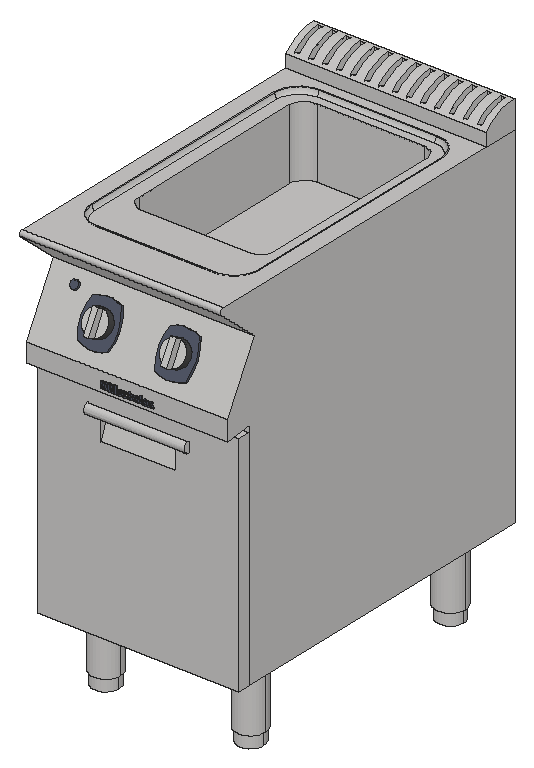
Revit family "QF_ELECTROLUXPROFESSIONAL_371098_E7PCED1KF0", category Specialty Equipment, Revit 2018
Family settings
  Round Connector Dimension = Use Diameter
  Part Type = Normal
  Work Plane-Based = No
  Always vertical = Yes
  Cut with Voids When Loaded = No
  Shared = No
  Room Calculation Point = No
Parameters
  Width = 400 mm  # constant formula
  Weight in Pounds = 110  # constant formula
  Watts = 6000 VA  # 6000 W
  Waste Water Discharge Temperature [instance] = -459.67 °F
  Volts = 400 V  # constant formula
  URL Cutsheet = "www.electrolux.com/foodservice"
  URL = "www.electrolux.com/foodservice"
  Type Mark [instance] = ""
  Status [instance] = ""
  Specification by User [instance] = ""
  Specification by Manufacturer = ""
  Show Logo [instance] = yes
  Show Clearance [instance] = yes
  Serial Number = ""
  Seismic Rating = ""
  SMACNA No = ""
  Revision Code [instance] = ""
  Plumbing Remarks [instance] = ""
  Plumbing Connection Type [instance] = ""
  Phase = 3  # constant formula
  Omniclass Number and Title = ""
  Number of Poles [instance] = 1
  NAFEM Spec ID Number = ""
  Model = "371098"
  Min Ckt Ampacity = 0 A
  Max Overcurrent Protection = 0 A
  Masterspec = ""
  Manufacturer = "ELECTROLUX"
  Item Number [instance] = ""
  Installed By [instance] = ""
  Indirect Waste Size = 25.4 mm  # 1"
  Indirect Waste Flow [instance] = 0 GPM
  Indirect Waste Connection Type [instance] = ""
  Indirect Waste Connection Height = 0 mm
  Identify Quantity as Lot [instance] = yes
  Height = 333 mm  # constant formula
  HP = "8 HP"
  Furnished By [instance] = ""
  Foodservice Equipment Identifier [instance] = yes
  FL Amps = if(Phase = 3, Watts / (Volts * 1.73), Watts / Volts)  # 8.67052 A
  Electrical Remarks [instance] = "400 V/3N ph/50/60 Hz"  # constant formula
  Electric Connection Type [instance] = ""
  Elec Conn RI Height [instance] = 0 mm
  Elec Conn Connection Height [instance] = 0 mm
  Direct Waste Size = 1"
  Description = "700XP Freestanding Electric Pasta Cooker 24.5 Lt. Well, 1 Well - 400V"
  Depth = 730 mm  # constant formula
  Cycle = if([60 Hertz Option], 60 Hz, 50 Hz)  # 60 Hz
  Conn Plug = ""
  Conn Conduit = yes
  Cold Water Temperature Recommended [instance] = -459.67 °F
  Cold Water Size = 12.7 mm  # 1/2"
  Cold Water RI Height [instance] = 0 mm
  Cold Water Minimum Pressure [instance] = 0.00 psi
  Cold Water Maximum Pressure [instance] = 0.00 psi
  Cold Water Flow [instance] = 0 GPM
  Cold Water Consumption [instance] = ""
  Cold Water Connection Height = 0 mm
  CSI MasterFormat = ""
  CSI Master Format = ""
  Base Height [instance] = 150 mm  # constant formula
  Apparent Power = if(Phase = 3, Volts * FL Amps * 1.73, Volts * FL Amps)  # 6000 VA
  60 Hertz Option = not([50 Hertz Option])  # yes
  50 Hertz Option = no
Reference planes
  plane 1 "BACK": y = 0
  plane 2: z = 0
  plane 3 "LEFT": x = 0
  plane 4 "RIGHT": x = 400
  plane 5 "FRONT": y = -730
  plane 6 "TOP": z = 905.238
  plane 7 "Center Y": x = 200
  plane 8 "Center X": y = -365
  plane 9 "BASE": z = 601
  plane 10 "TOP A": z = 851
  plane 11: y = -587.387
  plane 12: y = -90
  plane 13: z = 150
Forms (mm)
  Extrusion 1, solid, material "QF_Finishes_Stainless Steel"
    sketch origin (0, 0, 0) x (0, 1, 0) y (0, 0, 1)
      loop
        line (0, 851) -> (-725.027, 851)
        arc (-725.027, 851) -> (-730.893, 847.08) -> (-729.517, 840.16) r 6.35
        line (-729.517, 840.16) -> (-646.919, 767.809) -> (-713.522, 646.19) -> (-713.522, 608.09) -> (-660.15, 613.7) -> (-660.15, 150) -> (0, 150) -> (0, 851)
      loop
        line (-687.137, 601) -> (-687.137, 150) -> (-661.737, 150) -> (-661.737, 601) -> (-687.137, 601)
    from 0 to 400
  Extrusion 2, void
    sketch origin (0, 0, 851) x (-1, 0, 0) y (0, -1, 0)
      loop
        arc (-83.338, 90.124) -> (-47.982, 104.769) -> (-33.338, 140.124) r 50
        line (-33.338, 140.124) -> (-33.338, 595.265)
        arc (-33.338, 595.265) -> (-47.982, 630.62) -> (-83.338, 645.265) r 50
        line (-83.338, 645.265) -> (-316.662, 645.265)
        arc (-316.662, 645.265) -> (-352.018, 630.62) -> (-366.662, 595.265) r 50
        line (-366.662, 595.265) -> (-366.662, 140.124)
        arc (-366.662, 140.124) -> (-352.018, 104.769) -> (-316.662, 90.124) r 50
        line (-316.662, 90.124) -> (-83.338, 90.124)
    from 0 to -152.4
  Extrusion 3, solid, material "QF_Finishes_Clearance", visible <- "Show Clearance", detail levels coarse
    sketch origin (0, 0, 0) x (1, 0, 0) y (0, 1, 0)
      loop
        line (0, -731.377) -> (0, 0) -> (400, 0) -> (400, -731.377) -> (550.019, -731.377) -> (550.019, 150.019) -> (-150.019, 150.019) -> (-150.019, -731.377) -> (0, -731.377)
    from 0 to 905.237
  Revolve 4, solid, material "QF_Finishes_Stainless Steel"
    sketch origin (0, -587.387, 608.09) x (0, 0, 1) y (-1, 0, 0)
      loop
        line (-608.09, -56) -> (-458.09, -56) -> (-458.09, -26) -> (-583.09, -26) -> (-583.09, -29.75) -> (-608.09, -29.75) -> (-608.09, -56)
      axis (-608.09, -56) -> (-458.09, -56)
    angle from 0 to 360
  Revolve 5, solid, material "QF_Finishes_Stainless Steel"
    sketch origin (400.05, -587.387, 608.09) x (0, 0, 1) y (-1, 0, 0)
      loop
        line (-608.09, 56.05) -> (-608.09, 29.8) -> (-583.09, 29.8) -> (-583.09, 26.05) -> (-458.09, 26.05) -> (-458.09, 56.05) -> (-608.09, 56.05)
      axis (-608.09, 56.05) -> (-458.09, 56.05)
    angle from 0 to 360
  Revolve 6, solid, material "QF_Finishes_Stainless Steel"
    sketch origin (0, -90, 608.09) x (0, 0, 1) y (-1, 0, 0)
      loop
        line (-608.09, -56) -> (-458.09, -56) -> (-458.09, -26) -> (-583.09, -26) -> (-583.09, -29.75) -> (-608.09, -29.75) -> (-608.09, -56)
      axis (-608.09, -56) -> (-458.09, -56)
    angle from 0 to 360
  Revolve 7, solid, material "QF_Finishes_Stainless Steel"
    sketch origin (400.05, -90, 608.09) x (0, 0, 1) y (-1, 0, 0)
      loop
        line (-608.09, 56.05) -> (-608.09, 29.8) -> (-583.09, 29.8) -> (-583.09, 26.05) -> (-458.09, 26.05) -> (-458.09, 56.05) -> (-608.09, 56.05)
      axis (-608.09, 56.05) -> (-458.09, 56.05)
    angle from 0 to 360
  Extrusion 8, void
    sketch origin (200, 0, 0) x (0, 1, 0) y (0, 0, 1)
      loop
        line (-687.137, 541) -> (-687.137, 499.788) -> (-672.137, 541) -> (-687.137, 541)
    from -75 to 75
  Extrusion 9, solid, material "QF_Finishes_Stainless Steel"
    sketch origin (200, 0, 0) x (0, 1, 0) y (0, 0, 1)
      loop
        line (-687.137, 541) -> (-687.137, 561)
        arc (-687.137, 561) -> (-697.137, 551) -> (-687.137, 541) r 10
    from -100 to 100
  Extrusion 10, solid, material "QF_Finishes_Door Clearance", visible <- "Show Clearance", detail levels coarse
    sketch origin (0, 0, 851) x (-1, 0, 0) y (0, -1, 0)
      loop
        arc (0, 687.137) -> (-117.157, 969.98) -> (-400, 1087.137) r 400
        line (-400, 1087.137) -> (-400, 687.137) -> (0, 687.137)
    from -700.237 to -249.237
  Extrusion 11, solid, material "QF_Finishes_Stainless Steel"
    sketch origin (-77.88, -4572, 150) x (-1, 0, 0) y (0, -1, 0)
      loop
        circle (-309.88, -4202) r 12.7
      loop
        circle (-309.855, -3991) r 12.7
    from 0 to -12.7
  Extrusion 12, solid, material "QF_Finishes_Stainless Steel"
    sketch origin (-77.88, -4572, 851) x (-1, 0, 0) y (0, -1, 0)
      loop
        line (-111.217, -4431.876) -> (-111.217, -3976.735)
        arc (-111.217, -3976.735) -> (-125.862, -3941.38) -> (-161.217, -3926.735) r 50
        line (-161.217, -3926.735) -> (-394.542, -3926.735)
        arc (-394.542, -3926.735) -> (-429.897, -3941.38) -> (-444.542, -3976.735) r 50
        line (-444.542, -3976.735) -> (-444.542, -4431.876)
        arc (-444.542, -4431.876) -> (-429.897, -4467.231) -> (-394.542, -4481.876) r 50
        line (-394.542, -4481.876) -> (-161.217, -4481.876)
        arc (-161.217, -4481.876) -> (-125.862, -4467.231) -> (-111.217, -4431.876) r 50
      loop
        arc (-414.542, -4431.876) -> (-405.755, -4453.089) -> (-384.542, -4461.876) r 30
        line (-384.542, -4461.876) -> (-171.217, -4461.876)
        arc (-171.217, -4461.876) -> (-150.004, -4453.089) -> (-141.217, -4431.876) r 30
        line (-141.217, -4431.876) -> (-141.217, -4056.735)
        arc (-141.217, -4056.735) -> (-150.004, -4035.522) -> (-171.217, -4026.735) r 30
        line (-171.217, -4026.735) -> (-384.542, -4026.735)
        arc (-384.542, -4026.735) -> (-405.755, -4035.522) -> (-414.542, -4056.735) r 30
        line (-414.542, -4056.735) -> (-414.542, -4431.876)
    from -12.7 to -152.4
  Sweep 13, solid, material "QF_Finishes_Stainless Steel"
    path origin (0, 0, 851) x (-1, 0, 0) y (0, -1, 0)
      loop
        line (-33.338, 140.124) -> (-33.338, 595.265)
        arc (-33.338, 595.265) -> (-47.982, 630.62) -> (-83.338, 645.265) r 50
        line (-83.338, 645.265) -> (-316.662, 645.265)
        arc (-316.662, 645.265) -> (-352.018, 630.62) -> (-366.662, 595.265) r 50
        line (-366.662, 595.265) -> (-366.662, 140.124)
        arc (-366.662, 140.124) -> (-352.018, 104.769) -> (-316.662, 90.124) r 50
        line (-316.662, 90.124) -> (-83.338, 90.124)
        arc (-83.338, 90.124) -> (-47.982, 104.769) -> (-33.338, 140.124) r 50
    profile origin (33.338, -367.694, 851) x (1, 0, 0) y (0, 0, 1)
      loop
        line (0, 0) -> (0, -10.84) -> (5.055, -10.84)
        arc (5.055, -10.84) -> (1.326, -5.98) -> (0, 0) r 14.151
  Extrusion 14, solid, material "QF_Finishes_Stainless Steel"
    sketch origin (0, 0, 0.762) x (0, 1, 0) y (0, 0, 1)
      loop
        line (0, 850.238) -> (0, 905.237)
        arc (0, 905.237) -> (-38.078, 897.879) -> (-69.85, 875.637) r 93.057
        line (-69.85, 875.637) -> (-69.85, 850.238) -> (0, 850.238)
    from 0 to 400.05
  Extrusion 15, void
    sketch origin (0, 0, 851) x (-1, 0, 0) y (0, -1, 0)
      loop
        line (-13.453, 6.761) -> (-13.453, 63.911) -> (-22.749, 63.911) -> (-22.749, 6.761) -> (-13.453, 6.761)
    from 25.4 to 63.5
  Extrusion 16, void
    sketch origin (400.05, 0, 851) x (1, 0, 0) y (0, 1, 0)
      loop
        line (-13.503, -6.761) -> (-22.799, -6.761) -> (-22.799, -63.911) -> (-13.503, -63.911) -> (-13.503, -6.761)
    from 25.4 to 63.5
  Extrusion 17, void
    sketch origin (27.988, 0, 851) x (-1, 0, 0) y (0, -1, 0)
      loop
        line (-13.453, 6.761) -> (-13.453, 63.911) -> (-22.749, 63.911) -> (-22.749, 6.761) -> (-13.453, 6.761)
    from 25.4 to 63.5
  Extrusion 18, void
    sketch origin (55.977, 0, 851) x (-1, 0, 0) y (0, -1, 0)
      loop
        line (-13.453, 6.761) -> (-13.453, 63.911) -> (-22.749, 63.911) -> (-22.749, 6.761) -> (-13.453, 6.761)
    from 25.4 to 63.5
  Extrusion 19, void
    sketch origin (83.965, 0, 851) x (-1, 0, 0) y (0, -1, 0)
      loop
        line (-13.428, 6.761) -> (-13.428, 63.911) -> (-22.724, 63.911) -> (-22.724, 6.761) -> (-13.428, 6.761)
    from 25.4 to 63.5
  Extrusion 20, void
    sketch origin (111.953, 0, 851) x (-1, 0, 0) y (0, -1, 0)
      loop
        line (-13.428, 6.761) -> (-13.428, 63.911) -> (-22.724, 63.911) -> (-22.724, 6.761) -> (-13.428, 6.761)
    from 25.4 to 63.5
  Extrusion 21, void
    sketch origin (139.942, 0, 851) x (-1, 0, 0) y (0, -1, 0)
      loop
        line (-13.428, 6.761) -> (-13.428, 63.911) -> (-22.724, 63.911) -> (-22.724, 6.761) -> (-13.428, 6.761)
    from 25.4 to 63.5
  Extrusion 22, void
    sketch origin (167.93, 0, 851) x (-1, 0, 0) y (0, -1, 0)
      loop
        line (-13.428, 6.761) -> (-13.428, 63.911) -> (-22.724, 63.911) -> (-22.724, 6.761) -> (-13.428, 6.761)
    from 25.4 to 63.5
  Extrusion 23, void
    sketch origin (195.918, 0, 851) x (-1, 0, 0) y (0, -1, 0)
      loop
        line (-13.428, 6.761) -> (-13.428, 63.911) -> (-22.724, 63.911) -> (-22.724, 6.761) -> (-13.428, 6.761)
    from 25.4 to 63.5
  Extrusion 24, void
    sketch origin (223.907, 0, 851) x (-1, 0, 0) y (0, -1, 0)
      loop
        line (-13.428, 6.761) -> (-13.428, 63.911) -> (-22.724, 63.911) -> (-22.724, 6.761) -> (-13.428, 6.761)
    from 25.4 to 63.5
  Extrusion 25, void
    sketch origin (251.895, 0, 851) x (-1, 0, 0) y (0, -1, 0)
      loop
        line (-13.428, 6.761) -> (-13.428, 63.911) -> (-22.724, 63.911) -> (-22.724, 6.761) -> (-13.428, 6.761)
    from 25.4 to 63.5
  Extrusion 26, void
    sketch origin (279.884, 0, 851) x (-1, 0, 0) y (0, -1, 0)
      loop
        line (-13.403, 6.761) -> (-13.403, 63.911) -> (-22.699, 63.911) -> (-22.699, 6.761) -> (-13.403, 6.761)
    from 25.4 to 63.5
  Extrusion 27, void
    sketch origin (307.872, 0, 851) x (-1, 0, 0) y (0, -1, 0)
      loop
        line (-13.403, 6.761) -> (-13.403, 63.911) -> (-22.699, 63.911) -> (-22.699, 6.761) -> (-13.403, 6.761)
    from 25.4 to 63.5
  Extrusion 28, void
    sketch origin (335.86, 0, 851) x (-1, 0, 0) y (0, -1, 0)
      loop
        line (-13.403, 6.761) -> (-13.403, 63.911) -> (-22.699, 63.911) -> (-22.699, 6.761) -> (-13.403, 6.761)
    from 25.4 to 63.5
  Extrusion 29, solid, material "QF_Finishes_Navy Blue"
    sketch origin (114.675, -713.772, 646.19) x (0, 0.484042, 0.875045) y (-1, 0, 0)
      loop
        arc (105.947, -132.642) -> (68.865, -123.661) -> (31.333, -130.523) r 91.844
        arc (31.333, -130.523) -> (24.206, -161.165) -> (31.333, -191.808) r 69.441
        arc (31.333, -191.808) -> (68.854, -198.519) -> (105.947, -189.74) r 93.759
        arc (105.947, -189.74) -> (112.176, -161.191) -> (105.947, -132.642) r 68.543
    from 0 to 3.175
  Extrusion 30, solid, material "QF_Finishes_Stainless Steel"
    sketch origin (114.675, -716.55, 647.727) x (0, 0.484042, 0.875045) y (-1, 0, 0)
      loop
        circle (68.826, -160.963) r 25.4
    from 0 to 12.7
  Extrusion 31, solid, material "QF_Finishes_Stainless Steel"
    sketch origin (114.675, -727.663, 653.875) x (0, 0.484042, 0.875045) y (-1, 0, 0)
      loop
        arc (93.558, -166.749) -> (94.226, -160.963) -> (93.558, -155.177) r 25.4
        line (93.558, -155.177) -> (44.094, -155.177)
        arc (44.094, -155.177) -> (43.426, -160.963) -> (44.094, -166.749) r 25.4
        line (44.094, -166.749) -> (93.558, -166.749)
    from 0 to 12.7
  Extrusion 32, solid, material "QF_Finishes_Navy Blue"
    sketch origin (-40.325, -713.772, 646.19) x (0, 0.484042, 0.875045) y (-1, 0, 0)
      loop
        arc (105.947, -132.642) -> (68.865, -123.661) -> (31.333, -130.523) r 91.844
        arc (31.333, -130.523) -> (24.206, -161.165) -> (31.333, -191.808) r 69.441
        arc (31.333, -191.808) -> (68.854, -198.519) -> (105.947, -189.74) r 93.759
        arc (105.947, -189.74) -> (112.176, -161.191) -> (105.947, -132.642) r 68.543
      loop
        circle (110.564, -93.816) r 8
    from 0 to 3.175
  Extrusion 33, solid, material "QF_Finishes_Stainless Steel"
    sketch origin (-40.325, -716.55, 647.727) x (0, 0.484042, 0.875045) y (-1, 0, 0)
      loop
        circle (68.826, -160.963) r 25.4
    from 0 to 12.7
  Extrusion 34, solid, material "QF_Finishes_Stainless Steel"
    sketch origin (-40.325, -727.663, 653.875) x (0, 0.484042, 0.875045) y (-1, 0, 0)
      loop
        arc (93.558, -166.749) -> (94.226, -160.963) -> (93.558, -155.177) r 25.4
        line (93.558, -155.177) -> (44.094, -155.177)
        arc (44.094, -155.177) -> (43.426, -160.963) -> (44.094, -166.749) r 25.4
        line (44.094, -166.749) -> (93.558, -166.749)
    from 0 to 12.7
  Extrusion 35, solid, material "QF_Finishes_Stainless Steel"
    sketch origin (-77.88, -4572, 150) x (-1, 0, 0) y (0, -1, 0)
      loop
        circle (-412.88, -4071) r 6.35
    from 50 to 48.4
  Extrusion 36, solid, material "QF_Finishes_Navy Blue", visible <- "Show Logo"
    sketch origin (-140, -713.772, 608.09) x (0, 0, 1) y (-1, 0, 0)
      loop
        line (20.674, -296.698) -> (8.307, -296.698)
        arc (8.307, -296.698) -> (14.491, -301.27) -> (20.674, -296.698) r 6.467
      loop
        arc (20.674, -296.069) -> (19.505, -290.926) -> (14.849, -288.448) r 6.338
        line (14.849, -288.448) -> (14.849, -290.494)
        arc (14.849, -290.494) -> (16.333, -294.149) -> (19.778, -296.069) r 5.941
        line (19.778, -296.069) -> (20.674, -296.069)
      loop
        arc (9.203, -296.069) -> (12.648, -294.149) -> (14.132, -290.494) r 5.941
        line (14.132, -290.494) -> (14.132, -288.448)
        arc (14.132, -288.448) -> (9.438, -290.922) -> (8.148, -296.069) r 6.504
        line (8.148, -296.069) -> (9.203, -296.069)
      loop
        line (21.349, -287.979) -> (7.604, -287.979) -> (7.604, -301.742) -> (21.349, -301.742) -> (21.349, -287.979)
      loop
        arc (21.432, -304.71) -> (21.085, -304.352) -> (20.718, -304.69) r 0.358
        arc (20.718, -304.69) -> (20.404, -305.44) -> (19.687, -305.825) r 1.216
        line (19.687, -305.825) -> (9.274, -305.825)
        arc (9.274, -305.825) -> (8.614, -305.548) -> (8.218, -304.951) r 1.238
        arc (8.218, -304.951) -> (7.823, -304.7) -> (7.518, -305.054) r 0.358
        line (7.518, -305.054) -> (7.518, -314.933) -> (10.269, -314.933) -> (10.269, -314.036)
        arc (10.269, -314.036) -> (9.36, -313.456) -> (8.904, -312.479) r 1.928
        line (8.904, -312.479) -> (8.904, -309.98)
        arc (8.904, -309.98) -> (9.18, -309.251) -> (9.868, -308.887) r 1.101
        line (9.868, -308.887) -> (13.955, -308.887) -> (13.955, -312.561)
        arc (13.955, -312.561) -> (13.602, -313.058) -> (13.037, -313.286) r 1.083
        arc (13.037, -313.286) -> (12.773, -313.591) -> (13.065, -313.869) r 0.292
        line (13.065, -313.869) -> (16.028, -313.869)
        arc (16.028, -313.869) -> (16.33, -313.596) -> (16.092, -313.266) r 0.305
        arc (16.092, -313.266) -> (15.601, -313.018) -> (15.296, -312.561) r 1.083
        line (15.296, -312.561) -> (15.296, -308.887) -> (19.973, -308.887) -> (19.973, -312.635)
        arc (19.973, -312.635) -> (19.759, -313.39) -> (19.153, -313.888) r 1.314
        arc (19.153, -313.888) -> (18.934, -314.292) -> (19.288, -314.585) r 0.361
        line (19.288, -314.585) -> (21.432, -314.585) -> (21.432, -304.71)
      loop
        arc (20.715, -315.365) -> (20.335, -316.284) -> (19.416, -316.664) r 1.299
        line (19.416, -316.664) -> (9.837, -316.664)
        arc (9.837, -316.664) -> (8.999, -316.286) -> (8.728, -315.408) r 1.118
        line (8.728, -315.408) -> (7.518, -315.408) -> (7.518, -320.758) -> (8.706, -320.758)
        arc (8.706, -320.758) -> (8.978, -319.841) -> (9.848, -319.445) r 1.153
        line (9.848, -319.445) -> (21.92, -319.445) -> (20.715, -315.365)
      loop
        line (12.483, -323.394) -> (12.483, -329.842) -> (13.282, -329.842)
        arc (13.282, -329.842) -> (15.862, -328.857) -> (17.131, -326.404) r 3.874
        line (17.131, -326.404) -> (17.131, -324.643)
        arc (17.131, -324.643) -> (15.944, -321.778) -> (13.08, -320.592) r 4.051
        line (13.08, -320.592) -> (11.072, -320.592)
        arc (11.072, -320.592) -> (8.253, -322.077) -> (7.202, -325.084) r 4.352
        arc (7.202, -325.084) -> (7.566, -327.547) -> (8.943, -329.621) r 5.713
        line (8.943, -329.621) -> (9.892, -329.621)
        arc (9.892, -329.621) -> (9.16, -328.052) -> (8.943, -326.334) r 5.579
        arc (8.943, -326.334) -> (9.737, -324.371) -> (11.616, -323.394) r 3.057
        line (11.616, -323.394) -> (12.483, -323.394)
      loop
        line (13.742, -323.394) -> (13.742, -326.977)
        arc (13.742, -326.977) -> (15.199, -327.024) -> (16.082, -325.864) r 1.59
        line (16.082, -325.864) -> (16.082, -325.034)
        arc (16.082, -325.034) -> (15.217, -323.779) -> (13.742, -323.394) r 2.184
      loop
        arc (16.533, -339.259) -> (17.022, -337.585) -> (17.179, -335.848) r 9.023
        line (17.179, -335.848) -> (17.179, -334.486)
        arc (17.179, -334.486) -> (16.02, -331.686) -> (13.22, -330.527) r 3.959
        line (13.22, -330.527) -> (10.62, -330.527)
        arc (10.62, -330.527) -> (8.338, -331.819) -> (7.221, -334.192) r 4.331
        line (7.221, -334.192) -> (7.221, -336.327)
        arc (7.221, -336.327) -> (7.729, -337.877) -> (8.651, -339.223) r 5.772
        arc (8.651, -339.223) -> (9.412, -339.274) -> (9.499, -338.515) r 0.553
        arc (9.499, -338.515) -> (9.111, -337.781) -> (8.977, -336.962) r 2.573
        line (8.977, -336.962) -> (8.977, -335.447)
        arc (8.977, -335.447) -> (9.983, -333.806) -> (11.798, -333.163) r 2.884
        line (11.798, -333.163) -> (13.077, -333.163)
        arc (13.077, -333.163) -> (14.898, -333.723) -> (15.824, -335.388) r 2.554
        line (15.824, -335.388) -> (15.824, -336.441)
        arc (15.824, -336.441) -> (15.493, -337.369) -> (14.836, -338.104) r 2.564
        arc (14.836, -338.104) -> (14.614, -338.821) -> (15.223, -339.259) r 0.643
        line (15.223, -339.259) -> (16.533, -339.259)
      loop
        line (15.515, -339.53) -> (15.515, -341.031) -> (9.467, -341.031)
        arc (9.467, -341.031) -> (7.879, -341.688) -> (7.221, -343.276) r 2.246
        line (7.221, -343.276) -> (7.221, -344.86)
        arc (7.221, -344.86) -> (7.535, -345.725) -> (8.035, -346.496) r 4.06
        arc (8.035, -346.496) -> (8.768, -346.629) -> (9.019, -345.928) r 0.576
        arc (9.019, -345.928) -> (8.913, -345.403) -> (8.977, -344.87) r 1.69
        arc (8.977, -344.87) -> (9.519, -344.082) -> (10.425, -343.779) r 1.506
        line (10.425, -343.779) -> (15.563, -343.779) -> (15.563, -346.176) -> (16.119, -346.733) -> (16.941, -346.733) -> (16.941, -343.873) -> (20.172, -343.873) -> (15.515, -339.53)
      loop
        line (7.438, -347.63) -> (7.438, -353.017) -> (8.548, -353.017)
        arc (8.548, -353.017) -> (8.942, -352.066) -> (9.893, -351.672) r 1.345
        line (9.893, -351.672) -> (13.509, -351.672)
        arc (13.509, -351.672) -> (14.274, -352.264) -> (14.564, -353.186) r 1.615
        line (14.564, -353.186) -> (14.564, -354.742) -> (17.119, -355.427) -> (17.119, -354.044) -> (15.177, -351.485) -> (17.057, -351.485) -> (16.773, -348.779)
        arc (16.773, -348.779) -> (16.333, -348.249) -> (15.674, -348.45) r 0.621
        arc (15.674, -348.45) -> (15.274, -348.792) -> (14.78, -348.975) r 1.501
        line (14.78, -348.975) -> (9.893, -348.975)
        arc (9.893, -348.975) -> (8.942, -348.581) -> (8.548, -347.63) r 1.345
        line (8.548, -347.63) -> (7.438, -347.63)
      loop
        line (13.54, -354.964) -> (10.848, -354.964)
        arc (10.848, -354.964) -> (8.403, -356.272) -> (7.269, -358.803) r 4.288
        arc (7.269, -358.803) -> (7.205, -360.183) -> (7.269, -361.563) r 15.022
        arc (7.269, -361.563) -> (8.403, -364.094) -> (10.848, -365.401) r 4.288
        line (10.848, -365.401) -> (13.54, -365.401)
        arc (13.54, -365.401) -> (15.986, -364.094) -> (17.119, -361.563) r 4.288
        arc (17.119, -361.563) -> (17.183, -360.183) -> (17.119, -358.803) r 15.022
        arc (17.119, -358.803) -> (15.986, -356.272) -> (13.54, -354.964) r 4.288
      loop
        line (13.745, -358.078) -> (10.643, -358.078)
        arc (10.643, -358.078) -> (8.486, -360.235) -> (10.643, -362.392) r 2.157
        line (10.643, -362.392) -> (13.745, -362.392)
        arc (13.745, -362.392) -> (15.902, -360.235) -> (13.745, -358.078) r 2.157
      loop
        arc (20.726, -365.26) -> (20.355, -366.154) -> (19.461, -366.524) r 1.264
        line (19.461, -366.524) -> (9.597, -366.524)
        arc (9.597, -366.524) -> (8.727, -366.127) -> (8.455, -365.211) r 1.153
        line (8.455, -365.211) -> (7.518, -365.211) -> (7.518, -370.319) -> (8.446, -370.319)
        arc (8.446, -370.319) -> (8.805, -369.547) -> (9.597, -369.232) r 1.153
        line (9.597, -369.232) -> (21.92, -369.232) -> (20.726, -365.26)
      loop
        arc (15.846, -369.857) -> (15.647, -370.921) -> (14.678, -371.403) r 1.215
        line (14.678, -371.403) -> (9.658, -371.403)
        arc (9.658, -371.403) -> (8.043, -372.051) -> (7.322, -373.634) r 2.338
        line (7.322, -373.634) -> (7.322, -375.148)
        arc (7.322, -375.148) -> (7.497, -376.152) -> (7.999, -377.038) r 2.979
        line (7.999, -377.038) -> (7.518, -378.835) -> (7.518, -380.524) -> (16.943, -380.524) -> (16.649, -376.32) -> (15.863, -376.32)
        arc (15.863, -376.32) -> (15.507, -377.156) -> (14.755, -377.665) r 1.605
        line (14.755, -377.665) -> (9.652, -377.665)
        arc (9.652, -377.665) -> (9.232, -376.728) -> (9.159, -375.704) r 2.94
        arc (9.159, -375.704) -> (9.72, -374.603) -> (10.873, -374.16) r 1.724
        line (10.873, -374.16) -> (17.07, -374.16) -> (15.846, -369.857)
      loop
        line (16.874, -381.377) -> (15.202, -383.423) -> (12.028, -385.729) -> (8.572, -382.617)
        arc (8.572, -382.617) -> (8.335, -382.223) -> (8.357, -381.764) r 0.789
        line (8.357, -381.764) -> (7.518, -381.764) -> (7.518, -385.309) -> (8.344, -385.309)
        arc (8.344, -385.309) -> (8.686, -384.947) -> (9.176, -385.039) r 0.52
        line (9.176, -385.039) -> (10.976, -386.51) -> (8.858, -387.886)
        arc (8.858, -387.886) -> (8.457, -387.576) -> (8.37, -387.076) r 0.7
        line (8.37, -387.076) -> (7.518, -387.076) -> (7.518, -393.003) -> (8.405, -393.003)
        arc (8.405, -393.003) -> (8.472, -392.344) -> (8.866, -391.813) r 1.247
        line (8.866, -391.813) -> (13.066, -388.532) -> (15.513, -390.585) -> (16.874, -392.327) -> (16.874, -388.604) -> (15.389, -389.026) -> (13.868, -387.749) -> (15.568, -386.559) -> (16.874, -387.336) -> (16.874, -381.377)
    from 0 to 1.644
Cuts and joins
  Extrusion 2, Extrusion 8 cuts Extrusion 1
  Extrusion 8, Extrusion 15, Extrusion 16, Extrusion 17, Extrusion 18, Extrusion 19, Extrusion 20, Extrusion 21, Extrusion 22, Extrusion 23, Extrusion 24, Extrusion 25, Extrusion 26, Extrusion 27, Extrusion 28 cuts Extrusion 3
  Extrusion 15, Extrusion 16, Extrusion 17, Extrusion 18, Extrusion 19, Extrusion 20, Extrusion 21, Extrusion 22, Extrusion 23, Extrusion 24, Extrusion 25, Extrusion 26, Extrusion 27, Extrusion 28 cuts Extrusion 14
Lines and regions (mm)
  symbolic lines, style "QF-Clearances", visible <- "Show Clearance", detail levels coarse
    curve 1: line (-150.019, 150.019, 851) -> (-150.019, -731.377, 851)
    curve 2: line (550.019, 150.019, 851) -> (-150.019, 150.019, 851)
    curve 3: line (550.019, -731.377, 851) -> (550.019, 150.019, 851)
  symbolic lines
    curve 4: line (0, 0, 851) -> (400, 0, 851)
    curve 5: line (0, -730, 851) -> (0, 0, 851)
    curve 6: line (400, 0, 851) -> (400, -730, 851)
    curve 7: line (0, -69.85, 851) -> (0, -63.012, 851)
    curve 8: line (400, -730, 851) -> (0, -730, 851)
    curve 11: line (93.313, -110.124, 851) -> (306.663, -110.124, 851)
    curve 12: arc (306.663, -110.124, 851) -> (327.876, -118.911, 851) -> (336.663, -140.124, 851) r 30
    curve 13: line (336.663, -140.124, 851) -> (336.663, -515.265, 851)
    curve 14: arc (336.663, -515.265, 851) -> (327.876, -536.478, 851) -> (306.663, -545.265, 851) r 30
    curve 15: arc (93.338, -545.265, 851) -> (72.124, -536.478, 851) -> (63.338, -515.265, 851) r 30
    curve 16: line (63.338, -515.265, 851) -> (63.338, -140.099, 851)
    curve 17: arc (63.338, -140.099, 851) -> (72.117, -118.904, 851) -> (93.313, -110.124, 851) r 29.975
    curve 18: arc (83.313, -95.179, 851) -> (51.549, -108.336, 851) -> (38.392, -140.099, 851) r 44.92
    curve 19: line (38.392, -140.099, 851) -> (38.392, -595.265, 851)
    curve 20: arc (38.392, -595.265, 851) -> (51.556, -627.046, 851) -> (83.338, -640.21, 851) r 44.945
    curve 21: arc (316.663, -640.21, 851) -> (348.444, -627.046, 851) -> (361.608, -595.265, 851) r 44.945
    curve 22: line (361.608, -595.265, 851) -> (361.608, -140.124, 851)
    curve 23: arc (361.608, -140.124, 851) -> (348.444, -108.343, 851) -> (316.663, -95.179, 851) r 44.945
    curve 24: arc (83.313, -90.124, 851) -> (47.975, -104.761, 851) -> (33.338, -140.099, 851) r 49.975
    curve 25: line (33.338, -140.099, 851) -> (33.338, -595.265, 851)
    curve 26: arc (33.338, -595.265, 851) -> (47.982, -630.62, 851) -> (83.338, -645.265, 851) r 50
    curve 27: arc (316.663, -645.265, 851) -> (352.018, -630.62, 851) -> (366.663, -595.265, 851) r 50
    curve 28: line (366.663, -595.265, 851) -> (366.663, -140.124, 851)
    curve 29: arc (366.663, -140.124, 851) -> (352.018, -104.769, 851) -> (316.663, -90.124, 851) r 50
    curve 30: line (316.663, -90.124, 851) -> (79.418, -90.124, 851)
    curve 31: line (83.338, -645.265, 851) -> (316.663, -645.265, 851)
    curve 32: line (83.338, -640.21, 851) -> (316.663, -640.21, 851)
    curve 33: line (306.663, -545.265, 851) -> (93.338, -545.265, 851)
    curve 34: line (316.663, -95.179, 851) -> (83.313, -95.179, 851)
    curve 35: line (0, -69.85, 851) -> (400, -69.85, 851)
    curve 36: line (22.724, -6.761, 851) -> (22.724, -63.911, 851)
    curve 37: line (22.724, -63.911, 851) -> (13.428, -63.911, 851)
    curve 38: line (13.428, -63.911, 851) -> (13.428, -6.761, 851)
    curve 39: line (13.428, -6.761, 851) -> (22.724, -6.761, 851)
    curve 40: line (386.547, -6.761, 851) -> (386.547, -63.911, 851)
    curve 41: line (386.547, -63.911, 851) -> (377.251, -63.911, 851)
    curve 42: line (377.251, -63.911, 851) -> (377.251, -6.761, 851)
    curve 43: line (377.251, -6.761, 851) -> (386.547, -6.761, 851)
    curve 44: line (50.712, -6.761, 851) -> (50.712, -63.911, 851)
    curve 45: line (50.712, -63.911, 851) -> (41.416, -63.911, 851)
    curve 46: line (41.416, -63.911, 851) -> (41.416, -6.761, 851)
    curve 47: line (41.416, -6.761, 851) -> (50.712, -6.761, 851)
    curve 48: line (78.7, -6.761, 851) -> (78.7, -63.911, 851)
    curve 49: line (78.7, -63.911, 851) -> (69.405, -63.911, 851)
    curve 50: line (69.405, -63.911, 851) -> (69.405, -6.761, 851)
    curve 51: line (69.405, -6.761, 851) -> (78.7, -6.761, 851)
    curve 52: line (106.689, -6.761, 851) -> (106.689, -63.911, 851)
    curve 53: line (106.689, -63.911, 851) -> (97.393, -63.911, 851)
    curve 54: line (97.393, -63.911, 851) -> (97.393, -6.761, 851)
    curve 55: line (97.393, -6.761, 851) -> (106.689, -6.761, 851)
    curve 56: line (134.677, -6.761, 851) -> (134.677, -63.911, 851)
    curve 57: line (134.677, -63.911, 851) -> (125.381, -63.911, 851)
    curve 58: line (125.381, -63.911, 851) -> (125.381, -6.761, 851)
    curve 59: line (125.381, -6.761, 851) -> (134.677, -6.761, 851)
    curve 60: line (162.665, -6.761, 851) -> (162.665, -63.911, 851)
    curve 61: line (162.665, -63.911, 851) -> (153.37, -63.911, 851)
    curve 62: line (153.37, -63.911, 851) -> (153.37, -6.761, 851)
    curve 63: line (153.37, -6.761, 851) -> (162.665, -6.761, 851)
    curve 64: line (190.654, -6.761, 851) -> (190.654, -63.911, 851)
    curve 65: line (190.654, -63.911, 851) -> (181.358, -63.911, 851)
    curve 66: line (181.358, -63.911, 851) -> (181.358, -6.761, 851)
    curve 67: line (181.358, -6.761, 851) -> (190.654, -6.761, 851)
    curve 68: line (218.642, -6.761, 851) -> (218.642, -63.911, 851)
    curve 69: line (218.642, -63.911, 851) -> (209.346, -63.911, 851)
    curve 70: line (209.346, -63.911, 851) -> (209.346, -6.761, 851)
    curve 71: line (209.346, -6.761, 851) -> (218.642, -6.761, 851)
    curve 72: line (246.605, -6.761, 851) -> (246.605, -63.911, 851)
    curve 73: line (246.605, -63.911, 851) -> (237.31, -63.911, 851)
    curve 74: line (237.31, -63.911, 851) -> (237.31, -6.761, 851)
    curve 75: line (237.31, -6.761, 851) -> (246.605, -6.761, 851)
    curve 76: line (274.594, -6.761, 851) -> (274.594, -63.911, 851)
    curve 77: line (274.594, -63.911, 851) -> (265.298, -63.911, 851)
    curve 78: line (265.298, -63.911, 851) -> (265.298, -6.761, 851)
    curve 79: line (265.298, -6.761, 851) -> (274.594, -6.761, 851)
    curve 80: line (302.582, -6.761, 851) -> (302.582, -63.911, 851)
    curve 81: line (302.582, -63.911, 851) -> (293.286, -63.911, 851)
    curve 82: line (293.286, -63.911, 851) -> (293.286, -6.761, 851)
    curve 83: line (293.286, -6.761, 851) -> (302.582, -6.761, 851)
    curve 84: line (330.57, -6.761, 851) -> (330.57, -63.911, 851)
    curve 85: line (330.57, -63.911, 851) -> (321.275, -63.911, 851)
    curve 86: line (321.275, -63.911, 851) -> (321.275, -6.761, 851)
    curve 87: line (321.275, -6.761, 851) -> (330.57, -6.761, 851)
    curve 88: line (358.559, -6.761, 851) -> (358.559, -63.911, 851)
    curve 89: line (358.559, -63.911, 851) -> (349.263, -63.911, 851)
    curve 90: line (349.263, -63.911, 851) -> (349.263, -6.761, 851)
    curve 91: line (349.263, -6.761, 851) -> (358.559, -6.761, 851)
  symbolic lines, style "QF-Door Swings"
    curve 9: arc (2.303, -730, 851) -> (19.743, -811.254, 851) -> (53.597, -887.15, 851) r 400
    curve 10: line (53.597, -887.15, 851) -> (325.76, -730, 851)
Dimensions and locks
  equal spacing: plane 3 "LEFT", plane 7 "Center Y", plane 4 "RIGHT"
  "Width": plane 3 "LEFT" to plane 4 "RIGHT"
  equal spacing: plane 5 "FRONT", plane 8 "Center X", plane 1 "BACK"
  "Depth": plane 5 "FRONT" to plane 1 "BACK"
  plane 1 "BACK" to plane 5 "FRONT" = 730 mm
  locked: plane 10 "TOP A" to plane 9 "BASE" at 250
  "Base Height": plane 13 to level
  plane 10 "TOP A" to plane 13 = 701 mm
  Extrusion 11 sketch curve to plane 1 "BACK" = 370 mm
  plane 3 "LEFT" to Extrusion 11 sketch curve = 232 mm
  Extrusion 11 sketch curve to plane 1 "BACK" = 581 mm
  aligned and locked: level to plane 2
  aligned and locked: plane 4 "RIGHT" to Extrusion 1
  aligned and locked: plane 6 "TOP" to Extrusion 3
Automatic sketch dimensions
  Extrusion 1 sketch curve to plane 10 "TOP A" = 0 mm
  Extrusion 1 sketch curve to plane 13 = 0 mm  (x2)
  Extrusion 1 sketch curve to plane 9 "BASE" = 0 mm
  Extrusion 1 sketch curve to plane 1 "BACK" = 0 mm
  plane 11 to Extrusion 1 sketch curve = 59.531 mm
  plane 9 "BASE" to Extrusion 1 sketch curve = 12.7 mm
  Extrusion 1 sketch curve to plane 5 "FRONT" = 69.85 mm
  Extrusion 1 sketch curve to Extrusion 1 sketch curve = 1.588 mm
  Extrusion 1 sketch curve to Extrusion 1 sketch curve = 25.4 mm
  Extrusion 1 sketch curve to plane 5 "FRONT" = 16.478 mm
  Extrusion 1 sketch curve to plane 5 "FRONT" = 4.973 mm
  Extrusion 1 sketch curve to plane 5 "FRONT" = 0.483 mm
  plane 9 "BASE" to Extrusion 1 sketch curve = 7.09 mm
  Extrusion 1 sketch curve to Extrusion 1 sketch curve = 38.1 mm
  Extrusion 1 sketch curve to plane 10 "TOP A" = 83.191 mm
  Extrusion 1 sketch curve to plane 10 "TOP A" = 10.84 mm
  plane 11 to Extrusion 2 sketch curve = 7.877 mm
  Extrusion 2 sketch curve to plane 4 "RIGHT" = 33.337 mm
  plane 11 to Extrusion 2 sketch curve = 57.877 mm
  plane 12 to Extrusion 2 sketch curve = 0.124 mm
  Extrusion 2 sketch curve to Extrusion 2 sketch curve = 50 mm
  plane 3 "LEFT" to Extrusion 2 sketch curve = 83.338 mm  (x2)
  plane 3 "LEFT" to Extrusion 2 sketch curve = 33.338 mm
  plane 1 "BACK" to Extrusion 3 sketch curve = 0 mm
  Extrusion 3 sketch curve to plane 3 "LEFT" = 0 mm
  Extrusion 3 sketch curve to plane 4 "RIGHT" = 0 mm
  Extrusion 3 sketch curve to plane 3 "LEFT" = 150.019 mm
  plane 5 "FRONT" to Extrusion 3 sketch curve = 1.377 mm  (x2)
  plane 4 "RIGHT" to Extrusion 3 sketch curve = 150.019 mm
  Extrusion 3 sketch curve to plane 1 "BACK" = 150.019 mm
  curve 18 to curve 24 = 0 mm  (x2)
  curve 20 to curve 26 = 0 mm  (x2)
  curve 21 to curve 27 = 0 mm  (x2)
  curve 23 to curve 29 = 0 mm  (x2)
  curve 6 to plane 4 "RIGHT" = 0 mm
  curve 9 to plane 4 "RIGHT" = 0 mm
  plane 5 "FRONT" to curve 10 = 0 mm
  curve 35 to plane 3 "LEFT" = 0 mm
  curve 7 to plane 3 "LEFT" = 0 mm
  plane 1 "BACK" to curve 5 = 0 mm
  plane 4 "RIGHT" to curve 3 = 150.019 mm
  curve 40 to plane 4 "RIGHT" = 13.453 mm
  curve 40 to curve 43 = 9.296 mm
  plane 11 to curve 27 = 7.877 mm
  curve 27 to plane 4 "RIGHT" = 33.337 mm
  curve 29 to curve 23 = 5.055 mm
  curve 41 to curve 88 = 18.693 mm
  curve 88 to curve 90 = 9.296 mm
  curve 22 to curve 12 = 24.945 mm
  curve 89 to curve 85 = 18.693 mm
  curve 10 to plane 4 "RIGHT" = 74.24 mm
  curve 84 to curve 87 = 9.296 mm
  plane 11 to curve 27 = 57.877 mm
  curve 12 to curve 29 = 20 mm
  curve 23 to curve 12 = 10 mm
  curve 14 to curve 14 = 30 mm
  curve 85 to curve 81 = 18.693 mm
  curve 80 to curve 82 = 9.296 mm
  curve 81 to curve 77 = 18.693 mm
  curve 76 to curve 77 = 9.296 mm
  plane 1 "BACK" to curve 72 = 6.761 mm
  curve 78 to curve 72 = 18.693 mm
  curve 72 to curve 74 = 9.296 mm
  plane 1 "BACK" to curve 71 = 6.761 mm
  plane 7 "Center Y" to curve 71 = 18.642 mm
  curve 68 to curve 70 = 9.296 mm
  curve 65 to plane 7 "Center Y" = 9.346 mm
  curve 64 to curve 67 = 9.296 mm
  curve 65 to curve 60 = 18.693 mm
  curve 60 to curve 62 = 9.296 mm
  plane 1 "BACK" to curve 59 = 6.761 mm
  curve 62 to curve 59 = 18.693 mm
  curve 56 to curve 59 = 9.296 mm
  plane 1 "BACK" to curve 52 = 6.761 mm
  curve 58 to curve 52 = 18.693 mm
  curve 52 to curve 54 = 9.296 mm
  curve 33 to plane 11 = 42.123 mm
  plane 3 "LEFT" to curve 33 = 93.338 mm
  plane 12 to curve 11 = 20.124 mm
  curve 53 to curve 11 = 4.08 mm
  curve 17 to curve 24 = 10 mm
  plane 3 "LEFT" to curve 32 = 83.338 mm
  plane 12 to curve 30 = 0.124 mm
  curve 24 to curve 30 = 3.895 mm
  plane 1 "BACK" to curve 51 = 6.761 mm
  curve 54 to curve 51 = 18.693 mm
  curve 48 to curve 49 = 9.296 mm
  curve 15 to curve 15 = 30 mm
  plane 3 "LEFT" to curve 9 = 53.597 mm
  plane 1 "BACK" to curve 44 = 6.761 mm
  curve 50 to curve 44 = 18.693 mm
  curve 44 to curve 46 = 9.296 mm
  curve 17 to curve 19 = 24.945 mm
  plane 1 "BACK" to curve 36 = 6.761 mm
  curve 46 to curve 36 = 18.693 mm
  curve 36 to curve 38 = 9.296 mm
  curve 9 to curve 5 = 2.303 mm
  plane 5 "FRONT" to curve 1 = 1.377 mm
  curve 1 to plane 3 "LEFT" = 150.019 mm
  curve 2 to plane 1 "BACK" = 150.019 mm
  plane 1 "BACK" to curve 88 = 6.761 mm
  plane 1 "BACK" to curve 87 = 6.761 mm
  plane 1 "BACK" to curve 83 = 6.761 mm
  plane 1 "BACK" to curve 79 = 6.761 mm
  plane 1 "BACK" to curve 67 = 6.761 mm
  plane 1 "BACK" to curve 63 = 6.761 mm
  plane 1 "BACK" to curve 43 = 6.761 mm
  curve 7 to plane 12 = 26.988 mm
  curve 89 to plane 12 = 26.089 mm
  curve 61 to plane 12 = 26.089 mm
  curve 58 to plane 12 = 26.089 mm
  curve 86 to plane 12 = 26.089 mm
  curve 82 to plane 12 = 26.089 mm
  curve 64 to plane 12 = 26.089 mm
  curve 7 to curve 36 = 0.898 mm
  curve 78 to plane 12 = 26.089 mm
  curve 40 to plane 12 = 26.089 mm
  curve 74 to plane 12 = 26.089 mm
  curve 44 to plane 12 = 26.089 mm
  curve 64 to curve 70 = 0 mm
  curve 48 to plane 12 = 26.089 mm
  curve 52 to curve 57 = 0 mm
  curve 40 to curve 35 = 5.939 mm
  curve 7 to curve 35 = 0 mm
  curve 9 to plane 5 "FRONT" = 42.863 mm
  plane 5 "FRONT" to curve 3 = 1.377 mm
  Revolve 4 sketch curve to level = 0 mm
  Revolve 4 sketch curve to plane 13 = 0 mm  (x2)
  level to Revolve 4 sketch curve = 25 mm
  Revolve 4 sketch curve to Revolve 4 sketch curve = 20 mm
  plane 3 "LEFT" to Revolve 4 sketch curve = 56 mm
  Revolve 4 sketch curve to Revolve 4 sketch curve = 0 mm
  plane 3 "LEFT" to Revolve 4 sketch curve = 29.75 mm
  plane 3 "LEFT" to Revolve 4 sketch curve = 26 mm
  Revolve 5 sketch curve to level = 0 mm
  Revolve 5 sketch curve to plane 13 = 0 mm  (x2)
  level to Revolve 5 sketch curve = 25 mm
  Revolve 5 sketch curve to Revolve 5 sketch curve = 20 mm
  Revolve 5 sketch curve to plane 4 "RIGHT" = 26 mm
  Revolve 5 sketch curve to Revolve 5 sketch curve = 3.75 mm
  Revolve 5 sketch curve to Revolve 5 sketch curve = 30 mm
  Revolve 5 sketch curve to Revolve 5 sketch curve = 0 mm
  Revolve 6 sketch curve to level = 0 mm
  Revolve 6 sketch curve to plane 13 = 0 mm  (x2)
  level to Revolve 6 sketch curve = 25 mm
  Revolve 6 sketch curve to Revolve 6 sketch curve = 20 mm
  plane 3 "LEFT" to Revolve 6 sketch curve = 56 mm
  Revolve 6 sketch curve to Revolve 6 sketch curve = 0 mm
  plane 3 "LEFT" to Revolve 6 sketch curve = 29.75 mm
  plane 3 "LEFT" to Revolve 6 sketch curve = 26 mm
  Revolve 7 sketch curve to level = 0 mm
  Revolve 7 sketch curve to plane 13 = 0 mm  (x2)
  level to Revolve 7 sketch curve = 25 mm
  Revolve 7 sketch curve to Revolve 7 sketch curve = 20 mm
  Revolve 7 sketch curve to plane 4 "RIGHT" = 26 mm
  Revolve 7 sketch curve to Revolve 7 sketch curve = 3.75 mm
  Revolve 7 sketch curve to Revolve 7 sketch curve = 30 mm
  Revolve 7 sketch curve to Revolve 7 sketch curve = 0 mm
  Extrusion 8 sketch curve to plane 5 "FRONT" = 42.863 mm
  Extrusion 8 sketch curve to Extrusion 8 sketch curve = 15 mm
  Extrusion 8 sketch curve to plane 9 "BASE" = 101.212 mm
  Extrusion 8 sketch curve to Extrusion 8 sketch curve = 41.212 mm
  Extrusion 9 sketch curve to plane 5 "FRONT" = 42.863 mm
  Extrusion 9 sketch curve to plane 9 "BASE" = 60 mm
  Extrusion 9 sketch curve to Extrusion 9 sketch curve = 10 mm
  Extrusion 10 sketch curve to plane 4 "RIGHT" = 0 mm
  Extrusion 10 sketch curve to plane 3 "LEFT" = 0 mm
  Extrusion 10 sketch curve to plane 5 "FRONT" = 42.863 mm
  Extrusion 12 sketch curve to plane 4 "RIGHT" = 33.337 mm
  Extrusion 12 sketch curve to plane 4 "RIGHT" = 63.337 mm
  Extrusion 12 sketch curve to Extrusion 12 sketch curve = 20 mm
  plane 11 to Extrusion 12 sketch curve = 7.877 mm
  Extrusion 12 sketch curve to Extrusion 12 sketch curve = 50 mm
  Extrusion 12 sketch curve to Extrusion 12 sketch curve = 30 mm  (x3)
  Extrusion 12 sketch curve to Extrusion 12 sketch curve = 10 mm  (x2)
  Extrusion 12 sketch curve to plane 11 = 42.123 mm
  plane 3 "LEFT" to Extrusion 12 sketch curve = 93.338 mm  (x2)
  plane 12 to Extrusion 12 sketch curve = 50.124 mm
  plane 3 "LEFT" to Extrusion 12 sketch curve = 83.338 mm
  plane 12 to Extrusion 12 sketch curve = 0.124 mm
  plane 11 to Sweep 13 sketch curve = 7.877 mm  (x2)
  Sweep 13 sketch curve to plane 4 "RIGHT" = 33.337 mm
  plane 11 to Sweep 13 sketch curve = 57.877 mm
  plane 12 to Sweep 13 sketch curve = 0.124 mm
  Sweep 13 sketch curve to Sweep 13 sketch curve = 50 mm  (x2)
  plane 3 "LEFT" to Sweep 13 sketch curve = 83.338 mm
  profile plane to Sweep 13 sketch curve = 0 mm
  Sweep 13 sketch curve to plane 10 "TOP A" = 0 mm
  Sweep 13 sketch curve to profile plane = 5.055 mm
  Sweep 13 sketch curve to profile plane = 14.151 mm
  Extrusion 14 sketch curve to plane 10 "TOP A" = 0 mm
  Extrusion 14 sketch curve to plane 1 "BACK" = 0 mm
  plane 1 "BACK" to Extrusion 14 sketch curve = 1.769 mm
  Extrusion 14 sketch curve to plane 12 = 20.15 mm
  Extrusion 14 sketch curve to plane 10 "TOP A" = 38.04 mm
  plane 10 "TOP A" to Extrusion 14 sketch curve = 25.4 mm
  plane 1 "BACK" to Extrusion 15 sketch curve = 6.761 mm
  plane 3 "LEFT" to Extrusion 15 sketch curve = 22.749 mm
  Extrusion 15 sketch curve to Extrusion 15 sketch curve = 9.296 mm
  Extrusion 15 sketch curve to plane 12 = 26.089 mm
  Extrusion 16 sketch curve to plane 1 "BACK" = 6.761 mm
  plane 4 "RIGHT" to Extrusion 16 sketch curve = 22.749 mm
  Extrusion 16 sketch curve to Extrusion 16 sketch curve = 9.296 mm
  plane 12 to Extrusion 16 sketch curve = 26.089 mm
  plane 1 "BACK" to Extrusion 17 sketch curve = 6.761 mm
  plane 3 "LEFT" to Extrusion 17 sketch curve = 50.737 mm
  Extrusion 17 sketch curve to Extrusion 17 sketch curve = 9.296 mm
  Extrusion 17 sketch curve to plane 12 = 26.089 mm
  plane 1 "BACK" to Extrusion 18 sketch curve = 6.761 mm
  plane 3 "LEFT" to Extrusion 18 sketch curve = 78.725 mm
  Extrusion 18 sketch curve to Extrusion 18 sketch curve = 9.296 mm
  Extrusion 18 sketch curve to plane 12 = 26.089 mm
  plane 1 "BACK" to Extrusion 19 sketch curve = 6.761 mm
  Extrusion 19 sketch curve to plane 7 "Center Y" = 93.311 mm
  Extrusion 19 sketch curve to Extrusion 19 sketch curve = 9.296 mm
  Extrusion 19 sketch curve to plane 12 = 26.089 mm
  plane 1 "BACK" to Extrusion 20 sketch curve = 6.761 mm
  Extrusion 20 sketch curve to plane 7 "Center Y" = 65.323 mm
  Extrusion 20 sketch curve to Extrusion 20 sketch curve = 9.296 mm
  Extrusion 20 sketch curve to plane 12 = 26.089 mm
  plane 1 "BACK" to Extrusion 21 sketch curve = 6.761 mm
  Extrusion 21 sketch curve to plane 7 "Center Y" = 37.335 mm
  Extrusion 21 sketch curve to Extrusion 21 sketch curve = 9.296 mm
  Extrusion 21 sketch curve to plane 12 = 26.089 mm
  Extrusion 22 sketch curve to plane 7 "Center Y" = 9.346 mm
  Extrusion 22 sketch curve to Extrusion 22 sketch curve = 9.296 mm
  plane 1 "BACK" to Extrusion 22 sketch curve = 6.761 mm
  Extrusion 22 sketch curve to plane 12 = 26.089 mm
  plane 1 "BACK" to Extrusion 23 sketch curve = 6.761 mm
  plane 7 "Center Y" to Extrusion 23 sketch curve = 18.642 mm
  Extrusion 23 sketch curve to Extrusion 23 sketch curve = 9.296 mm
  Extrusion 23 sketch curve to plane 12 = 26.089 mm
  plane 1 "BACK" to Extrusion 24 sketch curve = 6.761 mm
  plane 7 "Center Y" to Extrusion 24 sketch curve = 46.63 mm
  Extrusion 24 sketch curve to Extrusion 24 sketch curve = 9.296 mm
  Extrusion 24 sketch curve to plane 12 = 26.089 mm
  plane 1 "BACK" to Extrusion 25 sketch curve = 6.761 mm
  plane 7 "Center Y" to Extrusion 25 sketch curve = 74.619 mm
  Extrusion 25 sketch curve to Extrusion 25 sketch curve = 9.296 mm
  Extrusion 25 sketch curve to plane 12 = 26.089 mm
  plane 1 "BACK" to Extrusion 26 sketch curve = 6.761 mm
  Extrusion 26 sketch curve to plane 4 "RIGHT" = 97.418 mm
  Extrusion 26 sketch curve to Extrusion 26 sketch curve = 9.296 mm
  Extrusion 26 sketch curve to plane 12 = 26.089 mm
  plane 1 "BACK" to Extrusion 27 sketch curve = 6.761 mm
  Extrusion 27 sketch curve to plane 4 "RIGHT" = 69.43 mm
  Extrusion 27 sketch curve to Extrusion 27 sketch curve = 9.296 mm
  Extrusion 27 sketch curve to plane 12 = 26.089 mm
  plane 1 "BACK" to Extrusion 28 sketch curve = 6.761 mm
  Extrusion 28 sketch curve to plane 4 "RIGHT" = 41.441 mm
  Extrusion 28 sketch curve to Extrusion 28 sketch curve = 9.296 mm
  Extrusion 28 sketch curve to plane 12 = 26.089 mm
  plane 7 "Center Y" to Extrusion 29 sketch curve = 45.198 mm
  Extrusion 29 sketch curve to Extrusion 29 sketch curve = 0 mm
  Extrusion 29 sketch curve to Extrusion 29 sketch curve = 12.3 mm  (x3)
  Extrusion 29 sketch curve to Extrusion 29 sketch curve = 34.925 mm  (x2)
  plane 7 "Center Y" to Extrusion 29 sketch curve = 19.471 mm
  Extrusion 29 sketch curve to Extrusion 29 sketch curve = 50.015 mm
  Extrusion 29 sketch curve to Extrusion 29 sketch curve = 27.846 mm
  Extrusion 29 sketch curve to Extrusion 29 sketch curve = 28.523 mm
  Extrusion 31 sketch curve to Extrusion 31 sketch curve = 24.732 mm
  Extrusion 31 sketch curve to Extrusion 31 sketch curve = 0 mm
  Extrusion 34 sketch curve to Extrusion 34 sketch curve = 24.732 mm
  Extrusion 34 sketch curve to Extrusion 34 sketch curve = 0 mm
  Extrusion 32 sketch curve to plane 7 "Center Y" = 48.517 mm
  Extrusion 32 sketch curve to Extrusion 32 sketch curve = 0 mm
  Extrusion 32 sketch curve to Extrusion 32 sketch curve = 12.3 mm  (x3)
  Extrusion 32 sketch curve to Extrusion 32 sketch curve = 34.925 mm  (x2)
  Extrusion 32 sketch curve to plane 7 "Center Y" = 24.858 mm
  Extrusion 32 sketch curve to Extrusion 32 sketch curve = 50.015 mm
  Extrusion 32 sketch curve to Extrusion 32 sketch curve = 4.617 mm
  Extrusion 32 sketch curve to Extrusion 32 sketch curve = 25.727 mm
  Extrusion 32 sketch curve to Extrusion 32 sketch curve = 30.616 mm
  Extrusion 32 sketch curve to Extrusion 32 sketch curve = 38.826 mm
  plane 7 "Center Y" to Extrusion 11 sketch curve = 31.975 mm
  Extrusion 35 sketch curve to Extrusion 35 sketch curve = 0 mm  (x2)
  Extrusion 35 sketch curve to plane 4 "RIGHT" = 58.65 mm
  Extrusion 35 sketch curve to Extrusion 35 sketch curve = 6.35 mm
  Extrusion 35 sketch curve to plane 11 = 86.388 mm
  plane 9 "BASE" to Extrusion 36 sketch curve = 9.251 mm
  plane 9 "BASE" to Extrusion 36 sketch curve = 14.292 mm
  plane 7 "Center Y" to Extrusion 36 sketch curve = 4.86 mm
  plane 9 "BASE" to Extrusion 36 sketch curve = 14.311 mm
  Extrusion 36 sketch curve to Extrusion 36 sketch curve = 0 mm  (x28)
  Extrusion 36 sketch curve to Extrusion 36 sketch curve = 5.108 mm  (x2)
  Extrusion 36 sketch curve to Extrusion 36 sketch curve = 0.054 mm
  Extrusion 36 sketch curve to Extrusion 36 sketch curve = 0.218 mm
  Extrusion 36 sketch curve to Extrusion 36 sketch curve = 0.195 mm
  Extrusion 36 sketch curve to Extrusion 36 sketch curve = 0.249 mm
  plane 9 "BASE" to Extrusion 36 sketch curve = 14.608 mm
  Extrusion 36 sketch curve to Extrusion 36 sketch curve = 0.087 mm
  Extrusion 36 sketch curve to Extrusion 36 sketch curve = 0.358 mm
  Extrusion 36 sketch curve to Extrusion 36 sketch curve = 0.481 mm
  Extrusion 36 sketch curve to Extrusion 36 sketch curve = 0.597 mm
  Extrusion 36 sketch curve to Extrusion 36 sketch curve = 0.544 mm
  Extrusion 36 sketch curve to Extrusion 36 sketch curve = 0.936 mm
  Extrusion 36 sketch curve to Extrusion 36 sketch curve = 0.594 mm
  Extrusion 36 sketch curve to Extrusion 36 sketch curve = 0.343 mm
  Extrusion 36 sketch curve to Extrusion 36 sketch curve = 0.159 mm
  Extrusion 36 sketch curve to Extrusion 36 sketch curve = 0.826 mm
  Extrusion 36 sketch curve to Extrusion 36 sketch curve = 0.839 mm
  Extrusion 36 sketch curve to Extrusion 36 sketch curve = 0.852 mm
  Extrusion 36 sketch curve to Extrusion 36 sketch curve = 0.887 mm
  Extrusion 36 sketch curve to Extrusion 36 sketch curve = 0.928 mm
  Extrusion 36 sketch curve to Extrusion 36 sketch curve = 0.938 mm
  Extrusion 36 sketch curve to Extrusion 36 sketch curve = 0.444 mm
  Extrusion 36 sketch curve to Extrusion 36 sketch curve = 1.11 mm  (x3)
  Extrusion 36 sketch curve to Extrusion 36 sketch curve = 0.215 mm
  Extrusion 36 sketch curve to plane 7 "Center Y" = 0.777 mm
  Extrusion 36 sketch curve to Extrusion 36 sketch curve = 1.43 mm
  Extrusion 36 sketch curve to Extrusion 36 sketch curve = 1.188 mm
  Extrusion 36 sketch curve to Extrusion 36 sketch curve = 1.21 mm  (x2)
  Extrusion 36 sketch curve to Extrusion 36 sketch curve = 0.503 mm
  Extrusion 36 sketch curve to Extrusion 36 sketch curve = 0.488 mm
  Extrusion 36 sketch curve to Extrusion 36 sketch curve = 0.462 mm
  Extrusion 36 sketch curve to Extrusion 36 sketch curve = 1.386 mm
  Extrusion 36 sketch curve to Extrusion 36 sketch curve = 1.742 mm  (x2)
  Extrusion 36 sketch curve to Extrusion 36 sketch curve = 0.821 mm
  Extrusion 36 sketch curve to Extrusion 36 sketch curve = 0.497 mm
  Extrusion 36 sketch curve to Extrusion 36 sketch curve = 0.539 mm
  Extrusion 36 sketch curve to Extrusion 36 sketch curve = 0.686 mm
  Extrusion 36 sketch curve to Extrusion 36 sketch curve = 0.408 mm
  Extrusion 36 sketch curve to Extrusion 36 sketch curve = 0.743 mm
  Extrusion 36 sketch curve to Extrusion 36 sketch curve = 1.16 mm
  Extrusion 36 sketch curve to Extrusion 36 sketch curve = 0.329 mm
  Extrusion 36 sketch curve to Extrusion 36 sketch curve = 1.054 mm
  Extrusion 36 sketch curve to Extrusion 36 sketch curve = 1.056 mm
  Extrusion 36 sketch curve to Extrusion 36 sketch curve = 0.129 mm
  Extrusion 36 sketch curve to Extrusion 36 sketch curve = 0.489 mm
  Extrusion 36 sketch curve to Extrusion 36 sketch curve = 0.441 mm
  Extrusion 36 sketch curve to Extrusion 36 sketch curve = 1.151 mm
  Extrusion 36 sketch curve to Extrusion 36 sketch curve = 1.141 mm  (x2)
  Extrusion 36 sketch curve to Extrusion 36 sketch curve = 0.768 mm
  Extrusion 36 sketch curve to Extrusion 36 sketch curve = 1.653 mm
  Extrusion 36 sketch curve to Extrusion 36 sketch curve = 0.499 mm
  Extrusion 36 sketch curve to Extrusion 36 sketch curve = 0.964 mm
  Extrusion 36 sketch curve to Extrusion 36 sketch curve = 0.949 mm
  Extrusion 36 sketch curve to Extrusion 36 sketch curve = 1.345 mm  (x2)
  Extrusion 36 sketch curve to Extrusion 36 sketch curve = 0.137 mm  (x2)
  Extrusion 36 sketch curve to Extrusion 36 sketch curve = 0.432 mm
  Extrusion 36 sketch curve to Extrusion 36 sketch curve = 1.142 mm
  Extrusion 36 sketch curve to Extrusion 36 sketch curve = 0.959 mm
  Extrusion 36 sketch curve to Extrusion 36 sketch curve = 0.176 mm
  Extrusion 36 sketch curve to Extrusion 36 sketch curve = 0.728 mm
  Extrusion 36 sketch curve to Extrusion 36 sketch curve = 3.375 mm  (x2)
  Extrusion 36 sketch curve to Extrusion 36 sketch curve = 1.905 mm
  Extrusion 36 sketch curve to Extrusion 36 sketch curve = 0.955 mm
  Extrusion 36 sketch curve to Extrusion 36 sketch curve = 1.251 mm
  Extrusion 36 sketch curve to Extrusion 36 sketch curve = 0.572 mm
  Extrusion 36 sketch curve to Extrusion 36 sketch curve = 1.92 mm
  Extrusion 36 sketch curve to Extrusion 36 sketch curve = 1.224 mm
  Extrusion 36 sketch curve to Extrusion 36 sketch curve = 0.745 mm
  Extrusion 36 sketch curve to Extrusion 36 sketch curve = 2.537 mm
  Extrusion 36 sketch curve to Extrusion 36 sketch curve = 0.896 mm  (x3)
  Extrusion 36 sketch curve to Extrusion 36 sketch curve = 0.036 mm
  Extrusion 36 sketch curve to Extrusion 36 sketch curve = 2.607 mm
  Extrusion 36 sketch curve to Extrusion 36 sketch curve = 0.066 mm
  Extrusion 36 sketch curve to Extrusion 36 sketch curve = 0.248 mm
  Extrusion 36 sketch curve to Extrusion 36 sketch curve = 0.449 mm
  Extrusion 36 sketch curve to Extrusion 36 sketch curve = 1.052 mm
  Extrusion 36 sketch curve to Extrusion 36 sketch curve = 1.863 mm
  Extrusion 36 sketch curve to Extrusion 36 sketch curve = 1.31 mm  (x2)
  Extrusion 36 sketch curve to Extrusion 36 sketch curve = 0.901 mm
  Extrusion 36 sketch curve to Extrusion 36 sketch curve = 1.107 mm
  Extrusion 36 sketch curve to Extrusion 36 sketch curve = 2.122 mm
  Extrusion 36 sketch curve to Extrusion 36 sketch curve = 2.101 mm
  Extrusion 36 sketch curve to Extrusion 36 sketch curve = 0.106 mm
  Extrusion 36 sketch curve to Extrusion 36 sketch curve = 0.029 mm
  Extrusion 36 sketch curve to Extrusion 36 sketch curve = 2.09 mm
  Extrusion 36 sketch curve to Extrusion 36 sketch curve = 1.279 mm
  Extrusion 36 sketch curve to Extrusion 36 sketch curve = 2.008 mm
  Extrusion 36 sketch curve to Extrusion 36 sketch curve = 0.738 mm
  Extrusion 36 sketch curve to Extrusion 36 sketch curve = 0.382 mm
  Extrusion 36 sketch curve to Extrusion 36 sketch curve = 0.384 mm
  Extrusion 36 sketch curve to Extrusion 36 sketch curve = 0.002 mm
  Extrusion 36 sketch curve to Extrusion 36 sketch curve = 0.561 mm
  Extrusion 36 sketch curve to Extrusion 36 sketch curve = 0.592 mm
  Extrusion 36 sketch curve to Extrusion 36 sketch curve = 2.692 mm
  Extrusion 36 sketch curve to Extrusion 36 sketch curve = 1.259 mm
  Extrusion 36 sketch curve to Extrusion 36 sketch curve = 0.802 mm
  Extrusion 36 sketch curve to Extrusion 36 sketch curve = 1.024 mm  (x2)
  Extrusion 36 sketch curve to Extrusion 36 sketch curve = 0.682 mm
  Extrusion 36 sketch curve to Extrusion 36 sketch curve = 5.934 mm
  Extrusion 36 sketch curve to Extrusion 36 sketch curve = 2.186 mm
  Extrusion 36 sketch curve to Extrusion 36 sketch curve = 0.337 mm
  Extrusion 36 sketch curve to Extrusion 36 sketch curve = 0.021 mm
  Extrusion 36 sketch curve to Extrusion 36 sketch curve = 1.005 mm
  Extrusion 36 sketch curve to Extrusion 36 sketch curve = 0.552 mm
  Extrusion 36 sketch curve to Extrusion 36 sketch curve = 0.778 mm
  Extrusion 36 sketch curve to Extrusion 36 sketch curve = 0.063 mm
  Extrusion 36 sketch curve to Extrusion 36 sketch curve = 1.023 mm
  Extrusion 36 sketch curve to Extrusion 36 sketch curve = 3.804 mm
  Extrusion 36 sketch curve to Extrusion 36 sketch curve = 0.486 mm
  Extrusion 36 sketch curve to Extrusion 36 sketch curve = 0.266 mm  (x2)
  Extrusion 36 sketch curve to Extrusion 36 sketch curve = 1.547 mm
